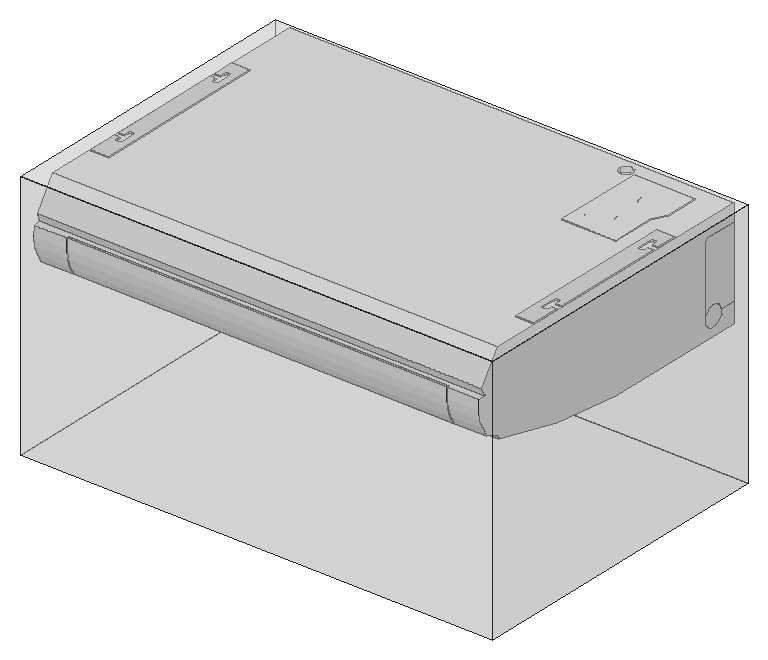
Revit family "outputfile", category 機械設備, Revit 2024
Family settings
  丸型コネクタ寸法 = 半径を使用
  パーツ タイプ = 標準
  OmniClass 番号 = 23.75.10.24.21.27.27
  OmniClass タイトル = Split System Air Conditioning Units
  作業面ベース = いいえ
  常に垂直 = はい
  ロード時にボイドで切り取り = いいえ
  注釈の向きを維持 = いいえ
  共有 = いいえ
  部屋計算ポイント = はい
Parameters (values of type "FHA50DVA")
  製造元 = "Daikin"
  書き出し IFC クラス(タイプ) = "IfcUnitaryEquipmentType"
  定義済み IFC タイプ(タイプ) = "AIRCONDITIONINGUNIT"
  モデル = "FHA50DVA"
  switch_frequency = yes
  r_Liquid Pipe Size = Liquid Pipe Size / 2  # 4.75 mm
  r_Gas Pipe Size = Gas Pipe Size / 2  # 7.95 mm
  r_Drain Pipe Size = Drain Pipe Size / 2  # 10.0 mm
  l_powersupply [instance] = if(Rear Right Connection_powersupply, 29.0 mm, 175.0 mm)  # 29.0 mm
  h_mountinghole = 2.0 mm
  connector_voltage = Voltage_50Hz  # 230 V
  connector_powerinput = [Power Input (Cooling)]  # 1.170 kW
  connector_phase = Phase_50Hz  # 1
  angle_vertical_powersupply [instance] = if(Rear Right Connection_powersupply, 90.00°, 180.00°)  # 90.00°
  angle_vertical_drainpipe [instance] = if(or(Left Connection_drainpipe, Right Connection_drainpipe), 90.00°, if(Top Connection_drainpipe, 180.00°, -90.00°))  # -90.00°
  angle_horizontal_powersupply [instance] = if(Rear Right Connection_powersupply, 180.00°, 0.00°)  # 180.00°
  angle_horizontal_drainpipe [instance] = if(Right Connection_drainpipe, 90.00°, if(Left Connection_drainpipe, -90.00°, 0.00°))  # 0.00°
  Voltage_comment_60Hz = "220-240"
  Voltage_comment_50Hz = "220-240"
  Voltage_60Hz = 230 V
  Voltage_50Hz = 230 V
  Top Connection_refrigerant [instance] = no
  Top Connection_powersupply [instance] = not(Rear Right Connection_powersupply)  # no
  Right Connection_refrigerant [instance] = no
  Rear Right Connection_refrigerant [instance] = yes
  Phase_60Hz = 1
  Phase_50Hz = 1
  Material_Casing = DAIKIN_White_Casing_indoorunit
  lw_powersupply [instance] = if(Rear Right Connection_powersupply, 220.0 mm, 210.0 mm)  # 220.0 mm
  lw_mountinghole_pitch = Width - 40.0 mm  # 920.0 mm
  lw_mountinghole = 20.0 mm
  lw_liquidpipe [instance] = if(Right Connection_refrigerant, 156.0 mm, if(Top Connection_refrigerant, 156.0 mm, 136.0 mm))  # 136.0 mm
  lw_gaspipe = 105.0 mm
  lw_drainpipe [instance] = if(Top Connection_drainpipe, 102.0 mm, if(Width = 960.0 mm, if(or(Left Connection_drainpipe, Rear Left Connection_drainpipe), 884.0 mm, 83.0 mm), if(Width = 1270.0 mm, if(or(Left Connection_drainpipe, Rear Left Connection_drainpipe), 1194.0 mm, 83.0 mm), if(Width = 1590.0 mm, if(or(Left Connection_drainpipe, Rear Left Connection_drainpipe), 1514.0 mm, 83.0 mm), 83.0 mm))))  # 83.0 mm
  lh_powersupply = 175.0 mm
  lh_liquidpipe [instance] = if(Rear Right Connection_refrigerant, 160.0 mm, 131.0 mm)  # 160.0 mm
  lh_gaspipe [instance] = if(Rear Right Connection_refrigerant, 150.0 mm, 91.0 mm)  # 150.0 mm
  lh_drainpipe = 197.0 mm
  l_antena = 1.0 mm
  ld_powersupply = 30.0 mm
  ld_mountinghole_pitch = 260.0 mm
  ld_mountinghole = 210.0 mm
  ld_liquidpipe [instance] = if(Right Connection_refrigerant, 57.0 mm, if(Top Connection_refrigerant, 189.0 mm, 221.0 mm))  # 221.0 mm
  ld_gaspipe [instance] = if(Right Connection_refrigerant, 57.0 mm, if(Top Connection_refrigerant, 163.0 mm, 214.0 mm))  # 214.0 mm
  ld_drainpipe [instance] = if(or(Left Connection_drainpipe, Right Connection_drainpipe), 57.0 mm, if(Top Connection_drainpipe, 87.0 mm, 268.0 mm))  # 268.0 mm
  l_liquidpipe_length [instance] = if(Right Connection_refrigerant, 156.0 mm, if(Top Connection_refrigerant, 131.0 mm, 220.0 mm))  # 220.0 mm
  l_gaspipe_length [instance] = if(Right Connection_refrigerant, 105.0 mm, if(Top Connection_refrigerant, 91.0 mm, 213.0 mm))  # 213.0 mm
  l_drainpipe_length [instance] = if(Right Connection_drainpipe, 83.0 mm, if(Top Connection_drainpipe, 197.0 mm, if(Left Connection_drainpipe, 76.0 mm, 267.0 mm)))  # 267.0 mm
  h*** = 0.0 mm
  angle_vertical [instance] = if(Right Connection_refrigerant, 90.00°, if(Top Connection_refrigerant, 180.00°, -90.00°))  # -90.00°
  angle_horizontal [instance] = if(Right Connection_refrigerant, 90.00°, 0.00°)  # 0.00°
  Width = 960.0 mm
  Version = "ver.1.0"
  Unit Type = "Ceiling"
  Unit Mass Weight = 25.00 kg
  Unit Designation [instance] = ""
  Uniclass2015Version = "Products v1.30"
  Uniclass2015Title = "Split coil room air conditioning units"
  Uniclass2015Code = "Pr_70_65_03_86"
  Total Cooling Capacity [instance] = 0.000 kW
  Top Connection_drainpipe [instance] = no
  Sound Pressure Level_M speed (dBA) = 35
  Sound Pressure Level_L speed (dBA) = 32
  Sound Pressure Level_H speed (dBA) = 37
  Series = "SkyAir_Fan Coil Unit"
  Sensible Cooling Capacity [instance] = 0.000 kW
  Rear Right Connection_drainpipe [instance] = yes
  Rear Right Connection_powersupply [instance] = yes
  Right Connection_drainpipe [instance] = no
  Refrigerant Type = "R32"
  Power Input (Cooling) = 1.170 kW
  Option Accessory 3 [instance] = ""
  Option Accessory 2 [instance] = ""
  Option Accessory 1 [instance] = ""
  Nominal Cooling Capacity = 5.000 kW
  Minimum Airflow = 600.00 m³/h
  Median Airflow = 720.00 m³/h
  Maximum Airflow = 900.00 m³/h
  Load Classification = HVAC
  Liquid Pipe Size = 9.5 mm
  Link_Nested Family [instance] = ""
  Rear Left Connection_drainpipe [instance] = no
  Left Connection_drainpipe [instance] = no
  IfcVersion = ""
  IfcExportType = "AIRCONDITIONINGUNIT"
  IfcExportAs = "IfcUnitaryEquipmentType"
  Height = 235.0 mm
  Heat Exchanger Type = "Cross Fin Coil"
  Gas Pipe Size = 15.9 mm
  Frequency_60Hz = 60 Hz
  Frequency_50Hz = 50 Hz
  Fan Type = "Cross Flow Fan"
  Fan Drive = "Direct Drive"
  FCU Tag No. [instance] = ""
  Drain Pipe Size = 20.0 mm
  Design Supply Airflow [instance] = 0.00 m³/h
  Design Outdoor Airflow [instance] = 0.00 m³/h
  Depth = 690.0 mm
  既定の高さ = 0.0 mm
  Cooling Entering Wet Bulb Temperature [instance] = 0.00 °C
  Cooling Entering Dry Bulb Temperature [instance] = 0.00 °C
  Cooling Ambient Wet Bulb Temperature [instance] = 0.00 °C
  Cooling Ambient Dry Bulb Temperature [instance] = 0.00 °C
  Clearance visibility [instance] = yes
  Clearance Top = 5.0 mm
  Clearance Right = 30.0 mm
  Clearance Rear = 0.0 mm
  Clearance Left = 30.0 mm
  Clearance Front = 0.0 mm
  Clearance Bottom = 300.0 mm
Reference planes
  plane 1 "Back": y = 0
  plane 2: z = 0
  plane 3 "Center (Left/Right)": x = 0
  plane 4 "Center (Front/Back)": y = -1
  plane 5 "Front": y = -690
  plane 6 "Left": x = -480
  plane 7 "Right": x = 480
  plane 8 "Top": z = 0
  plane 9 "Bottom": z = -235
  plane 10: y = -690
  plane 11: x = -510
  plane 12: x = 510
  plane 13: z = 5
  plane 14: z = -535
  plane 15: y = 0
  plane 16 "lw_mountinghole": x = -460
  plane 17 "lw_mountinghole2": x = 460
  plane 18 "ld_mountinghole": y = -210
  plane 19 "ld_mountinghole2": y = -470
  plane 20 "lw_gaspipe": x = 375
  plane 21 "ld_gaspipe": y = -214
  plane 22 "lh_gaspipe": z = -150
  plane 23 "lw_liquidpipe": x = 344
  plane 24 "ld_liquidpipe": y = -221
  plane 25 "lh_liquidpipe": z = -160
  plane 26 "ld_drainpipe": y = -268
  plane 27 "lw_drainpipe": x = 397
  plane 28 "lh_drainpipe": z = -197
  plane 29 "lw_powersupply": x = 260
  plane 30 "lh_powersupply": z = -175
  plane 31 "ld_powersupply": y = -30
  plane 32: x = -410.5
  plane 33: x = 410.5
  plane 34: x = -435
  plane 35: x = 435
  plane 36: x = -2
  plane 37: x = 2
Forms (mm)
  Extrusion 1, solid, material "DAIKIN_White_Casing_indoorunit" <- "Material_Casing"
    sketch origin (0, 0, 0) x (0, 1, 0) y (0, 0, 1)
      loop
        line (-639.277, 0) -> (-680.876, -61.699) -> (-675.026, -77.772)
        arc (-675.026, -77.772) -> (-681.815, -78.743) -> (-688.601, -79.732) r 2634.132
        arc (-688.601, -79.732) -> (-687.018, -121.096) -> (-669.159, -158.439) r 102.2
        line (-669.159, -158.439) -> (-639.858, -169.325) -> (-635.895, -178.261)
        arc (-635.895, -178.261) -> (-479.121, -215.759) -> (-319.077, -235) r 1400.997
        line (-319.077, -235) -> (-1, -235) -> (-1, 0) -> (-639.277, 0)
    from -480 to 480
  Extrusion 2, solid, material "DAIKIN_White_Casing_indoorunit" <- "Material_Casing"
    sketch origin (0, 0, 0) x (0, 1, 0) y (0, 0, 1)
      loop
        arc (-688.601, -79.732) -> (-687.018, -121.096) -> (-669.159, -158.439) r 102.2
        line (-669.159, -158.439) -> (-665.589, -154.869)
        arc (-665.589, -154.869) -> (-682.432, -118.783) -> (-683.39, -78.971) r 97.2
        arc (-683.39, -78.971) -> (-685.996, -79.351) -> (-688.601, -79.732) r 2634.132
    from -410.5 to 410.5
  Extrusion 3, void
    sketch origin (0, 0, 0) x (0, 1, 0) y (0, 0, 1)
      loop
        line (-301.098, -235) -> (-21.098, -235) -> (-21.098, -230) -> (-301.098, -230) -> (-301.098, -235)
    from -435 to 435
  Extrusion 4, solid, material "DAIKIN_White_Grille_indoorunit"
    sketch origin (0, 0, 0) x (0, 1, 0) y (0, 0, 1)
      loop
        line (-20.098, -230) -> (-301.098, -230) -> (-301.098, -235) -> (-20.098, -235) -> (-20.098, -230)
    from -435 to -2
  Extrusion 5, solid, material "DAIKIN_White_Casing_indoorunit" <- "Material_Casing"
    sketch origin (0, 0, 0) x (1, 0, 0) y (0, 0, 1)
      loop
        line (287, -63) -> (287, -178) -> (358, -220) -> (421, -220) -> (421, -63) -> (287, -63)
    from 0 to 1
  Extrusion 6, solid, material "DAIKIN_White_Casing_indoorunit" <- "Material_Casing"
    sketch origin (0, 0, 0) x (-1, 0, 0) y (0, -1, 0)
      loop
        line (-292, 35) -> (-292, 230) -> (-408, 230) -> (-408, 135) -> (-423, 105) -> (-423, 35) -> (-292, 35)
    from 0 to 1.9
  Extrusion 7, void
    sketch origin (480, 0, 0) x (0, 1, 0) y (0, 0, 1)
      loop
        arc (-79.5, -195) -> (-55.446, -217.446) -> (-34.715, -191.9) r 22.5
        line (-34.715, -191.9) -> (-1, -191.9) -> (-1, -190.1) -> (-35.04, -190.1)
        arc (-35.04, -190.1) -> (-54.942, -172.594) -> (-77.7, -186.182) r 22.5
        line (-77.7, -186.182) -> (-77.7, -43)
        arc (-77.7, -43) -> (-76.528, -40.172) -> (-73.7, -39) r 4
        line (-73.7, -39) -> (-1, -39) -> (-1, -37.2) -> (-73.7, -37.2)
        arc (-73.7, -37.2) -> (-77.801, -38.899) -> (-79.5, -43) r 5.8
        line (-79.5, -43) -> (-79.5, -195)
      loop
        circle (-57, -195) r 20.7
    from 0 to -10
  Extrusion 8, void
    sketch origin (-1444.026, -1, 1200) x (1, 0, 0) y (0, 0, 1)
      loop
        arc (1030.026, -1375) -> (1019.42, -1379.393) -> (1015.026, -1390) r 15
        line (1015.026, -1390) -> (1015.026, -1400)
        arc (1015.026, -1400) -> (1019.42, -1410.607) -> (1030.026, -1415) r 15
        line (1030.026, -1415) -> (1060.026, -1415)
        arc (1060.026, -1415) -> (1070.633, -1410.607) -> (1075.026, -1400) r 15
        line (1075.026, -1400) -> (1075.026, -1390)
        arc (1075.026, -1390) -> (1070.633, -1379.393) -> (1060.026, -1375) r 15
        line (1060.026, -1375) -> (1030.026, -1375)
    from 0 to 10
  Extrusion 9, void
    sketch origin (-480, 0, 0) x (0, 1, 0) y (0, 0, 1)
      loop
        circle (-57, -197) r 22.5
    from 0 to 10
  Extrusion 10, void
    sketch origin (-1444.026, -1, 1200) x (1, 0, 0) y (0, 0, 1)
      loop
        circle (1821.026, -1375) r 44
    from 0 to 10
  Extrusion 11, void
    sketch origin (0, 0, 0) x (-1, 0, 0) y (0, -1, 0)
      loop
        circle (-378, 87) r 30
    from 0 to -10
  Extrusion 12, void
    sketch origin (0, 0, 0) x (-1, 0, 0) y (0, -1, 0)
      loop
        circle (-375, 163) r 18
    from 0 to -10
  Extrusion 13, void
    sketch origin (0, 0, 0) x (-1, 0, 0) y (0, -1, 0)
      loop
        circle (-324, 189) r 13
    from 0 to -10
  Extrusion 14, void
    sketch origin (-1444.026, -1, 1200) x (1, 0, 0) y (0, 0, 1)
      loop
        circle (1704.026, -1375) r 14.5
    from 0 to 10
  Extrusion 15, void
    sketch origin (0, 0, 0) x (-1, 0, 0) y (0, -1, 0)
      loop
        circle (-270, 30) r 14.5
    from 0 to -10
  Extrusion 16, void
    sketch origin (480, 0, 0) x (0, 1, 0) y (0, 0, 1)
      loop
        arc (-665.589, -154.869) -> (-682.432, -118.783) -> (-683.39, -78.971) r 97.2
        arc (-683.39, -78.971) -> (-685.996, -79.351) -> (-688.601, -79.732) r 2634.132
        arc (-688.601, -79.732) -> (-687.018, -121.096) -> (-669.159, -158.439) r 102.2
        line (-669.159, -158.439) -> (-665.589, -154.869)
    from -69.5 to -890.5
  Extrusion 17, solid, material "DAIKIN_White_Casing_indoorunit" <- "Material_Casing"
    sketch origin (-480, 0, 0) x (0, 1, 0) y (0, 0, 1)
      loop
        circle (-57, -197) r 22.5
    from 0 to 10
  Extrusion 18, solid, material "DAIKIN_White_Grille_indoorunit"
    sketch origin (780, 0, 0) x (0, 1, 0) y (0, 0, 1)
      loop
        line (-20.098, -230) -> (-301.098, -230) -> (-301.098, -235) -> (-20.098, -235) -> (-20.098, -230)
    from -782 to -778
  Extrusion 19, solid, material "DAIKIN_White_Grille_indoorunit"
    sketch origin (0, 0, 0) x (0, 1, 0) y (0, 0, -1)
      loop
        line (-20.098, 230) -> (-20.098, 235) -> (-301.098, 235) -> (-301.098, 230) -> (-20.098, 230)
    from -435 to -2
Cuts and joins
  Extrusion 3, Extrusion 7, Extrusion 8, Extrusion 9, Extrusion 10, Extrusion 11, Extrusion 12, Extrusion 13, Extrusion 14, Extrusion 15, Extrusion 16 cuts Extrusion 1
Lines and regions (mm)
  reference lines
    curve 1: line (480, -580.282, -192.75) -> (480, -551.225, -200.21)
Dimensions and locks
  equal spacing: plane 6 "Left", plane 3 "Center (Left/Right)", plane 7 "Right"
  "Width": plane 6 "Left" to plane 7 "Right"
  "Depth": plane 5 "Front" to plane 1 "Back"
  "Height": plane 8 "Top" to plane 9 "Bottom"
  "Clearance Front": plane 10 to plane 5 "Front"
  "Clearance Left": plane 11 to plane 6 "Left"
  "Clearance Right": plane 7 "Right" to plane 12
  "Clearance Top": plane 13 to plane 8 "Top"
  "Clearance Bottom": plane 9 "Bottom" to plane 14
  "Clearance Rear": plane 1 "Back" to plane 15
  locked: plane 4 "Center (Front/Back)" to plane 1 "Back" at 1
  locked: Extrusion 1 sketch curve to Extrusion 1 sketch curve at 235
  locked: Extrusion 1 sketch curve to Extrusion 1 sketch curve at 318.077
  locked: Extrusion 1 sketch curve to Extrusion 1 sketch curve at 1163.297
  locked: Extrusion 1 sketch curve to Extrusion 1 sketch curve at 231.144
  Extrusion 3 sketch curve to Extrusion 3 sketch curve to plane 1 "Back" = 280.0 mm locked, 21.098 mm locked
  "ld_mountinghole": plane 18 "ld_mountinghole" to plane 1 "Back"
  "ld_mountinghole_pitch": plane 18 "ld_mountinghole" to plane 19 "ld_mountinghole2"
  "lw_mountinghole_pitch": plane 16 "lw_mountinghole" to plane 17 "lw_mountinghole2"
  "lw_mountinghole": plane 6 "Left" to plane 16 "lw_mountinghole"
  "lw_gaspipe": plane 20 "lw_gaspipe" to plane 7 "Right"
  "ld_gaspipe": plane 1 "Back" to plane 21 "ld_gaspipe"
  "lw_liquidpipe": plane 23 "lw_liquidpipe" to plane 7 "Right"
  "ld_liquidpipe": plane 1 "Back" to plane 24 "ld_liquidpipe"
  "lw_drainpipe": plane 27 "lw_drainpipe" to plane 7 "Right"
  "ld_drainpipe": plane 26 "ld_drainpipe" to plane 1 "Back"
  plane 8 "Top" to Extrusion 5 sketch curve to Extrusion 5 sketch curve = 63.0 mm locked, 157.0 mm locked
  plane 7 "Right" to Extrusion 5 sketch curve to Extrusion 5 sketch curve = 59.0 mm locked, 134.0 mm locked
  locked: Extrusion 5 sketch curve to Extrusion 5 sketch curve at 115
  locked: Extrusion 5 sketch curve to Extrusion 5 sketch curve at 63
  locked: Extrusion 6 sketch curve to Extrusion 6 sketch curve at 195
  locked: Extrusion 6 sketch curve to Extrusion 6 sketch curve at 116
  locked: Extrusion 6 sketch curve to Extrusion 6 sketch curve at 131
  locked: Extrusion 6 sketch curve to Extrusion 6 sketch curve at 100
  locked: Extrusion 6 sketch curve to plane 1 "Back" at 35
  locked: Extrusion 6 sketch curve to plane 7 "Right" at 57
  locked: Extrusion 8 sketch curve to Extrusion 8 sketch curve at 40
  locked: Extrusion 8 sketch curve to Extrusion 8 sketch curve at 60
  locked: plane 8 "Top" to Extrusion 8 sketch curve at 175
  locked: Extrusion 8 sketch curve to plane 6 "Left" at 51
  locked: plane 7 "Right" to Extrusion 10 sketch curve at 103
  locked: plane 8 "Top" to Extrusion 10 sketch curve at 175
  locked: Extrusion 11 sketch curve to plane 1 "Back" at 87
  locked: Extrusion 11 sketch curve to plane 7 "Right" at 102
  locked: Extrusion 12 sketch curve to plane 1 "Back" at 163
  locked: Extrusion 12 sketch curve to plane 7 "Right" at 105
  locked: Extrusion 13 sketch curve to plane 1 "Back" at 189
  locked: Extrusion 13 sketch curve to plane 7 "Right" at 156
  "lw_powersupply": plane 29 "lw_powersupply" to plane 7 "Right"
  "lh_gaspipe": plane 8 "Top" to plane 22 "lh_gaspipe"
  "lh_liquidpipe": plane 8 "Top" to plane 25 "lh_liquidpipe"
  "lh_powersupply": plane 8 "Top" to plane 30 "lh_powersupply"
  "lh_drainpipe": plane 8 "Top" to plane 28 "lh_drainpipe"
  "ld_powersupply": plane 1 "Back" to plane 31 "ld_powersupply"
  locked: plane 8 "Top" to Extrusion 7 sketch curve at 195
  locked: Extrusion 7 sketch curve to plane 1 "Back" at 57
  locked: plane 9 "Bottom" to Extrusion 7 sketch curve at 43.1
  locked: Extrusion 7 sketch curve to plane 8 "Top" at 39
  locked: Extrusion 7 sketch curve to plane 1 "Back" at 79.5
  locked: Extrusion 9 sketch curve to plane 1 "Back" at 57
  locked: plane 8 "Top" to Extrusion 9 sketch curve at 197
  locked: Extrusion 17 sketch curve to plane 1 "Back" at 57
  locked: plane 8 "Top" to Extrusion 17 sketch curve at 197
  locked: plane 7 "Right" to Extrusion 14 sketch curve at 220
  locked: plane 8 "Top" to Extrusion 14 sketch curve at 175
  locked: Extrusion 15 sketch curve to plane 7 "Right" at 210
  locked: Extrusion 15 sketch curve to plane 1 "Back" at 30
  locked: curve 1 to plane 9 "Bottom" at 34.79
  locked: curve 1 to plane 9 "Bottom" at 42.25
  locked: plane 6 "Left" to plane 32 at 69.5
  locked: plane 33 to plane 7 "Right" at 69.5
  locked: plane 35 to plane 7 "Right" at 45
  locked: plane 6 "Left" to plane 34 at 45
  plane 36 to plane 3 "Center (Left/Right)" to plane 37 = 2.0 mm locked, 2.0 mm locked
  locked: curve 1 to plane 9 "Bottom" (angle 14.40°)
  aligned and locked: level to plane 2
  aligned and locked: nested 1 to plane 11
  aligned and locked: nested 1 to plane 12
  aligned and locked: nested 1 to plane 10
  aligned and locked: plane 13 to nested 1
  aligned and locked: plane 14 to nested 1
  aligned and locked: plane 15 to nested 1
  aligned and locked: Extrusion 1 sketch curve to plane 8 "Top"
  aligned and locked: Extrusion 2 sketch curve to Extrusion 1  (x2)
  aligned and locked: plane 7 "Right" to Extrusion 1
  aligned and locked: Extrusion 1 to plane 6 "Left"
  aligned and locked: cut or joined group 1 (Extrusion 1, Extrusion 3, Extrusion 7, Extrusion 8, Extrusion 9, Extrusion 10, Extrusion 11, Extrusion 12, Extrusion 13, Extrusion 14, Extrusion 15, Extrusion 16) to Extrusion 3 sketch curve
  aligned and locked: cut or joined group 1 to Extrusion 4 sketch curve
  aligned and locked: Extrusion 5 to plane 4 "Center (Front/Back)"
  aligned and locked: Extrusion 7 sketch curve to plane 4 "Center (Front/Back)"
  aligned and locked: Extrusion 16 sketch curve to Extrusion 2  (x4)
  aligned and locked: Extrusion 16 to Extrusion 2  (x2)
  aligned and locked: nested 2 to plane 26 "ld_drainpipe"
  aligned and locked: plane 27 "lw_drainpipe" to nested 2
  aligned and locked: plane 20 "lw_gaspipe" to nested 3
  aligned and locked: nested 3 to plane 21 "ld_gaspipe"
  aligned and locked: plane 23 "lw_liquidpipe" to nested 4
  aligned and locked: nested 4 to plane 24 "ld_liquidpipe"
  aligned and locked: plane 25 "lh_liquidpipe" to nested 4
  aligned and locked: nested 5 to plane 31 "ld_powersupply"
  aligned and locked: plane 29 "lw_powersupply" to nested 5
  aligned and locked: nested 7 to plane 18 "ld_mountinghole"
  aligned and locked: plane 16 "lw_mountinghole" to nested 7
  aligned and locked: nested 6 to plane 19 "ld_mountinghole2"
  aligned and locked: plane 16 "lw_mountinghole" to nested 6
  aligned and locked: nested 9 to plane 18 "ld_mountinghole"
  aligned and locked: plane 17 "lw_mountinghole2" to nested 9
  aligned and locked: plane 17 "lw_mountinghole2" to nested 8
  aligned and locked: nested 8 to plane 19 "ld_mountinghole2"
  aligned and locked: nested 10 to curve 1
  aligned and locked: level to plane 8 "Top"
  aligned and locked: cut or joined group 1 to plane 32
  aligned and locked: plane 33 to cut or joined group 1
  aligned and locked: Extrusion 16 to plane 32
  aligned and locked: plane 33 to Extrusion 16
  aligned and locked: Extrusion 4 to plane 34
  aligned and locked: cut or joined group 1 to plane 34
  aligned and locked: plane 34 to Extrusion 4  (x3)
  aligned and locked: plane 16 "lw_mountinghole" to nested 11
  aligned and locked: plane 17 "lw_mountinghole2" to nested 12
  aligned and locked: plane 36 to Extrusion 4
  aligned and locked: Extrusion 18 to plane 36
  aligned and locked: plane 37 to Extrusion 18
  aligned and locked: Extrusion 19 to plane 37
  aligned and locked: plane 37 to Extrusion 19
  aligned and locked: plane 35 to Extrusion 19
  aligned and locked: plane 35 to Extrusion 3
  aligned and locked: Extrusion 4 to cut or joined group 1
  aligned and locked: cut or joined group 1 to Extrusion 18
  aligned and locked: cut or joined group 1 to Extrusion 19
Automatic sketch dimensions
  Extrusion 1 sketch curve to plane 4 "Center (Front/Back)" = 0.0 mm
  Extrusion 1 sketch curve to plane 5 "Front" = 102.2 mm
  Extrusion 1 sketch curve to plane 30 "lh_powersupply" = 3.261 mm
  Extrusion 1 sketch curve to plane 5 "Front" = 50.723 mm
  plane 30 "lh_powersupply" to Extrusion 1 sketch curve = 5.675 mm
  Extrusion 1 sketch curve to Extrusion 1 sketch curve = 3.963 mm
  plane 25 "lh_liquidpipe" to Extrusion 1 sketch curve = 1.561 mm
  Extrusion 1 sketch curve to plane 5 "Front" = 20.841 mm
  Extrusion 1 sketch curve to plane 5 "Front" = 14.974 mm
  Extrusion 1 sketch curve to plane 5 "Front" = 9.124 mm
  Extrusion 1 sketch curve to plane 26 "ld_drainpipe" = 37.278 mm
  Extrusion 1 sketch curve to plane 14 = 2150.825 mm
  plane 22 "lh_gaspipe" to Extrusion 1 sketch curve = 53.413 mm
  Extrusion 1 sketch curve to level = 77.772 mm
  Extrusion 1 sketch curve to Extrusion 1 sketch curve = 16.072 mm
  Extrusion 2 sketch curve to Extrusion 2 sketch curve = 0.0 mm  (x2)
  plane 25 "lh_liquidpipe" to Extrusion 2 sketch curve = 1.561 mm
  Extrusion 2 sketch curve to plane 22 "lh_gaspipe" = 4.869 mm
  Extrusion 2 sketch curve to Extrusion 2 sketch curve = 3.57 mm
  Extrusion 3 sketch curve to Extrusion 3 sketch curve = 5.0 mm
  plane 31 "ld_powersupply" to Extrusion 4 sketch curve = 9.902 mm
  Extrusion 4 sketch curve to Extrusion 4 sketch curve = 5.0 mm
  Extrusion 6 sketch curve to Extrusion 6 sketch curve = 30.0 mm
  Extrusion 7 sketch curve to Extrusion 7 sketch curve = 0.0 mm  (x6)
  Extrusion 7 sketch curve to plane 4 "Center (Front/Back)" = 0.0 mm  (x2)
  Extrusion 7 sketch curve to Extrusion 7 sketch curve = 1.8 mm  (x2)
  Extrusion 7 sketch curve to Extrusion 7 sketch curve = 4.0 mm
  Extrusion 7 sketch curve to Extrusion 7 sketch curve = 0.325 mm
  Extrusion 8 sketch curve to plane 32 = 3.5 mm  (x2)
  Extrusion 8 sketch curve to plane 28 "lh_drainpipe" = 3.0 mm
  Extrusion 8 sketch curve to Extrusion 8 sketch curve = 15.0 mm
  curve 1 to plane 5 "Front" = 109.718 mm
  Extrusion 18 sketch curve to plane 9 "Bottom" = 0.0 mm
  plane 9 "Bottom" to Extrusion 18 sketch curve = 5.0 mm
  Extrusion 18 sketch curve to plane 26 "ld_drainpipe" = 33.098 mm
  plane 31 "ld_powersupply" to Extrusion 18 sketch curve = 9.902 mm
  Extrusion 19 sketch curve to plane 9 "Bottom" = 0.0 mm
  plane 9 "Bottom" to Extrusion 19 sketch curve = 5.0 mm
  Extrusion 19 sketch curve to plane 26 "ld_drainpipe" = 33.098 mm
  plane 31 "ld_powersupply" to Extrusion 19 sketch curve = 9.902 mm
  Extrusion 4 sketch curve to plane 26 "ld_drainpipe" = 33.098 mm
  radius of Extrusion 7 sketch curve = 20.7 mm
  radius of Extrusion 9 sketch curve = 22.5 mm
  radius of Extrusion 10 sketch curve = 44.0 mm
  radius of Extrusion 11 sketch curve = 30.0 mm
  radius of Extrusion 12 sketch curve = 18.0 mm
  radius of Extrusion 13 sketch curve = 13.0 mm
  radius of Extrusion 14 sketch curve = 14.5 mm
  radius of Extrusion 15 sketch curve = 14.5 mm
  radius of Extrusion 17 sketch curve = 22.5 mm
Nested families
  nested 1: "daikin_clearancespace" at (0, -345, -264.881), visible <- "Clearance visibility", show <- "Clearance visibility", Link_Nested Family <- "Link_Nested Family", type "daikin_clearancespace"
    with width 1020.0 mm, show yes, height 540.0 mm, depth 690.0 mm, Link_Nested Family ""
  nested 2: "daikin_connector_rotate3" at (397, -268, -197), radius <- "r_Drain Pipe Size", angle_vertical <- "angle_vertical_drainpipe", angle_horizontal <- "angle_horizontal_drainpipe", length <- "l_drainpipe_length", type "daikin_connector_rotate3"
    with show no, radius 10.0 mm, length 267.0 mm, angle_vertical -90.00°, angle_horizontal 0.00°
  nested 3: "daikin_connector_rotate3" at (375, -214, -150), radius <- "r_Gas Pipe Size", angle_vertical <- "angle_vertical", angle_horizontal <- "angle_horizontal", length <- "l_gaspipe_length", type "daikin_connector_rotate3"
    with show no, radius 7.95 mm, length 213.0 mm, angle_vertical -90.00°, angle_horizontal 0.00°
  nested 4: "daikin_connector_rotate3" at (344, -221, -160), radius <- "r_Liquid Pipe Size", angle_vertical <- "angle_vertical", angle_horizontal <- "angle_horizontal", length <- "l_liquidpipe_length", type "daikin_connector_rotate3"
    with show no, radius 4.75 mm, length 220.0 mm, angle_vertical -90.00°, angle_horizontal 0.00°
  nested 5: "daikin_connector_rotate3" at (260, -30, -175), length <- "l_powersupply", angle_vertical <- "angle_vertical_powersupply", angle_horizontal <- "angle_horizontal_powersupply", type "daikin_connector_rotate3"
    with show no, radius 10.0 mm, length 29.0 mm, angle_vertical 90.00°, angle_horizontal 180.00°
  nested 6: "daikin_mountinghole" at (-460, -470, 0), l_antenna <- "l_antena", Link_Nested Family <- "Link_Nested Family", h_mountinghole <- "h_mountinghole", type "daikin_mountinghole"
    with show yes, l_antenna 1.0 mm, h_mountinghole 2.0 mm, Link_Nested Family ""
  nested 7: "daikin_mountinghole" at (-460, -210, 0), l_antenna <- "l_antena", Link_Nested Family <- "Link_Nested Family", h_mountinghole <- "h_mountinghole", type "daikin_mountinghole"
    with show yes, l_antenna 1.0 mm, h_mountinghole 2.0 mm, Link_Nested Family ""
  nested 8: "daikin_mountinghole" at (460, -470, 0), l_antenna <- "l_antena", Link_Nested Family <- "Link_Nested Family", h_mountinghole <- "h_mountinghole", type "daikin_mountinghole"
    with show yes, l_antenna 1.0 mm, h_mountinghole 2.0 mm, Link_Nested Family ""
  nested 9: "daikin_mountinghole" at (460, -210, 0), Link_Nested Family <- "Link_Nested Family", l_antenna <- "l_antena", h_mountinghole <- "h_mountinghole", type "daikin_mountinghole"
    with show yes, l_antenna 1.0 mm, h_mountinghole 2.0 mm, Link_Nested Family ""
  nested 10: "daikin_logo_plane_w40" at (332.963, -559.801, -198.008) x (1, 0, 0) z (0, -0.2487, -0.9686), type "daikin_logo_plane_w40"
    with show_logo yes
  nested 11: "daikin_hangerfixture_FHA-DVA" at (-460, 0, 0), type "daikin_hangerfixture_FHA-DVA"
    with width 38.0 mm, height 2.0 mm, depth 380.0 mm
  nested 12: "daikin_hangerfixture_FHA-DVA" at (460, 0, 0) x (-1, 0, 0) z (0, 0, 1), type "daikin_hangerfixture_FHA-DVA"
    with width 38.0 mm, height 2.0 mm, depth 380.0 mm
Connectors
  piping at (397, -1, -197), diameter 20, driven by "r_Drain Pipe Size"
    settings: on nested 2, index 1, connector inside diameter 609.6 mm, connector length 0.0 mm, flow factor 0, pipe flow 0.00 m³/h, pressure drop 0.0 Pa, fitting loss kfactor 0, connector angle 0.00°, fixture units 0, engagement length 0.0 mm, angle of deflection 0.00°, flow configuration 1, flow direction 2, fitting loss method 4, system type 16, joint type 0, gender type 0, connector reference index -1, connector utility 0, adjustable connector no, is connector primary yes, connector description "Condensate Drain Piping"
  piping at (375, -1, -150), diameter 15.9, driven by "r_Gas Pipe Size"
    settings: on nested 3, index 3, connector inside diameter 609.6 mm, connector length 0.0 mm, flow factor 0, pipe flow 0.00 m³/h, pressure drop 0.0 Pa, fitting loss kfactor 0, connector angle 0.00°, fixture units 0, engagement length 0.0 mm, angle of deflection 0.00°, flow configuration 1, flow direction 2, fitting loss method 0, system type 29, joint type 0, gender type 0, connector reference index -1, connector utility 0, adjustable connector no, is connector primary no, connector description "Refrigerant Gas Piping"
  piping at (344, -1, -160), diameter 9.5, driven by "r_Liquid Pipe Size"
    settings: on nested 4, index 4, connector inside diameter 609.6 mm, connector length 0.0 mm, flow factor 0, pipe flow 0.00 m³/h, pressure drop 0.0 Pa, fitting loss kfactor 0, connector angle 0.00°, fixture units 0, engagement length 0.0 mm, angle of deflection 0.00°, flow configuration 1, flow direction 1, fitting loss method 0, system type 29, joint type 0, gender type 0, connector reference index -1, connector utility 0, adjustable connector no, is connector primary no, connector description "Refrigerant Liquid Piping"
  electrical at (260, -1, -175), driven by "Load Classification", driven by "connector_powerinput", driven by "connector_phase", driven by "connector_voltage"
    settings: on nested 5, index 6, voltage 230 V, apparent load 1170 VA, apparent load phase1 0 VA, apparent load phase2 0 VA, apparent load phase3 0 VA, power factor 1, load classification "HVAC", number of poles 1, system type 30, power factor state 1, is connector primary yes, connector utility no, sub classification motor no, connector description "Power Supply"
Definition of nested family "daikin_clearancespace"
  Parameters (values of type "daikin_clearancespace")
    Description = "daikin_clearancespace"
    width [instance] = 1823.963 mm
    show [instance] = yes
    material = none
    height [instance] = 1359.762 mm
    depth [instance] = 880.0 mm
    Default Elevation = 0.0 mm
    Link_Nested Family [instance] = ""
  Reference planes
    plane 1 "Center (Front/Back)": y = 0
    plane 2 "Center (Elevation)": z = -0.119
    plane 3 "Center (Left/Right)": x = 0
    plane 4: y = 440
    plane 5: y = -440
    plane 6 "Right": x = 911.982
    plane 7 "Left": x = -911.982
    plane 8 "Top": z = 679.762
    plane 9 "Bottom": z = -680
  Forms (mm)
    Extrusion 1, solid, material <- "material", visible <- "show"
      sketch origin (0, 0, 0) x (1, 0, 0) y (0, 1, 0)
        loop
          line (-911.982, 440) -> (-911.982, -440) -> (911.982, -440) -> (911.982, 440) -> (-911.982, 440)
      from -680 to 679.762
  Lines and regions (mm)
    symbolic lines, visible <- "show"
      curve 1: line (911.982, 440, 0) -> (-911.982, 440, 0)
      curve 2: line (-911.982, 440, 0) -> (-911.982, -440, 0)
      curve 3: line (-911.982, -440, 0) -> (911.982, -440, 0)
      curve 4: line (911.982, -440, 0) -> (911.982, 440, 0)
      curve 5: line (911.982, 0, 679.762) -> (-911.982, 0, 679.762)
      curve 6: line (911.982, 0, -680) -> (911.982, 0, 679.762)
      curve 7: line (-911.982, 0, -680) -> (911.982, 0, -680)
      curve 8: line (-911.982, 0, 679.762) -> (-911.982, 0, -680)
      curve 9: line (0, 440, 679.762) -> (0, -440, 679.762)
      curve 10: line (0, -440, 679.762) -> (0, -440, -680)
      curve 11: line (0, 440, -680) -> (0, 440, 679.762)
      curve 12: line (0, -440, -680) -> (0, 440, -680)
  Dimensions and locks
    "width": plane 7 "Left" to plane 6 "Right"
    "depth": plane 4 to plane 5
    "height": plane 8 "Top" to plane 9 "Bottom"
    equal spacing: plane 7 "Left", plane 3 "Center (Left/Right)", plane 6 "Right"
    equal spacing: plane 4, plane 1 "Center (Front/Back)", plane 5
    equal spacing: plane 8 "Top", plane 2 "Center (Elevation)", plane 9 "Bottom"
    aligned and locked: level to plane 2 "Center (Elevation)"
    aligned and locked: Extrusion 1 sketch curve to plane 4
    aligned and locked: plane 7 "Left" to Extrusion 1 sketch curve
    aligned and locked: Extrusion 1 sketch curve to plane 5
    aligned and locked: Extrusion 1 sketch curve to plane 6 "Right"
    aligned and locked: plane 8 "Top" to Extrusion 1
    aligned and locked: curve 1 to Extrusion 1
    aligned and locked: curve 2 to Extrusion 1
    aligned and locked: curve 3 to Extrusion 1
    aligned and locked: curve 4 to Extrusion 1
    aligned and locked: curve 5 to Extrusion 1
    aligned and locked: curve 6 to Extrusion 1
    aligned and locked: curve 7 to Extrusion 1
    aligned and locked: curve 8 to Extrusion 1
    aligned and locked: curve 9 to Extrusion 1
    aligned and locked: curve 10 to Extrusion 1
    aligned and locked: curve 11 to Extrusion 1
    aligned and locked: curve 12 to Extrusion 1
    aligned and locked: Extrusion 1 to plane 9 "Bottom"
Definition of nested family "daikin_logo_plane_w40"
  Parameters (values of type "daikin_logo_plane_w40")
    width = 40.0 mm
    show_logo [instance] = yes
    material = none
    height = 0.0 mm
    depth = 0.0 mm
    Default Elevation = 1219.2 mm
  Reference planes
    plane 1 "Center (Front/Back)": y = 0
    plane 2: z = 0
    plane 3 "Center (Left/Right)": x = 0
    plane 4: z = 2
    plane 5 "left": x = -19
    plane 6: x = 19
  Forms (mm)
    Extrusion 1, solid, visible <- "show_logo"
      sketch origin (-19, 0, 0) x (1, 0, 0) y (0, 1, 0)
        loop
          line (8.902, -1.878) -> (7.789, -6.332) -> (11.13, -6.332)
          arc (11.13, -6.332) -> (12.454, -6.064) -> (13.472, -5.176) r 2.642
          arc (13.472, -5.176) -> (13.92, -4.02) -> (13.767, -2.79) r 2.537
          arc (13.767, -2.79) -> (13.452, -2.342) -> (12.982, -2.06) r 1.321
          arc (12.982, -2.06) -> (12.063, -1.902) -> (11.13, -1.878) r 6.479
          line (11.13, -1.878) -> (8.902, -1.878)
        loop
          line (10.016, -5.441) -> (10.907, -5.441)
          arc (10.907, -5.441) -> (11.591, -4.983) -> (11.988, -4.261) r 1.742
          spline (11.988, -4.261) -> (12.01, -4.155) -> (12.027, -4.03) -> (12.037, -3.893) -> (12.037, -3.747) -> (12.026, -3.598) -> (12.002, -3.451) -> (11.962, -3.31) -> (11.905, -3.181) -> (11.829, -3.069) -> (11.731, -2.978) -> (11.61, -2.913) -> (11.464, -2.88)
          line (11.464, -2.88) -> (10.573, -2.88) -> (10.016, -5.441)
        loop
          line (13.58, -6.332) -> (14.805, -6.332) -> (15.223, -5.553) -> (16.977, -5.553) -> (17.144, -6.332) -> (19.149, -6.332) -> (18.258, -1.878) -> (16.03, -1.878) -> (13.58, -6.332)
        loop
          line (16.476, -3.214) -> (15.76, -4.551) -> (16.762, -4.551) -> (16.476, -3.214)
        loop
          line (19.705, -6.332) -> (21.599, -6.332) -> (22.712, -1.878) -> (20.819, -1.878) -> (19.705, -6.332)
        loop
          line (22.712, -6.332) -> (24.606, -6.332) -> (24.908, -5.122) -> (25.831, -6.332) -> (28.17, -6.332) -> (26.388, -3.994) -> (28.949, -1.878) -> (26.945, -1.878) -> (25.401, -3.153) -> (25.719, -1.878) -> (23.826, -1.878) -> (22.712, -6.332)
        loop
          line (29.84, -1.878) -> (28.615, -6.332) -> (30.62, -6.332) -> (31.734, -1.878) -> (29.84, -1.878)
        loop
          line (31.734, -6.332) -> (33.07, -6.332) -> (33.7, -3.814) -> (34.518, -6.332) -> (36.745, -6.332) -> (37.859, -1.878) -> (36.523, -1.878) -> (35.845, -4.589) -> (34.963, -1.878) -> (32.847, -1.878) -> (31.734, -6.332)
      from 0 to 2
    Extrusion 2, solid, visible <- "show_logo"
      sketch origin (-19, 0, 0) x (1, 0, 0) y (0, 1, 0)
        loop
          line (8.7, 0) -> (4.235, 0) -> (0, -3.879) -> (0, -8) -> (8.7, 0)
      from 0 to 2
    Extrusion 3, solid, visible <- "show_logo"
      sketch origin (-19, 0, 0) x (1, 0, 0) y (0, 1, 0)
        loop
          line (0, 0) -> (0, -3.879) -> (4.235, 0) -> (0, 0)
      from 0 to 2
  Dimensions and locks
    plane 4 to plane 2 = 2.0 mm
    equal spacing: plane 5 "left", plane 3 "Center (Left/Right)", plane 6
    locked: plane 5 "left" to plane 6 at 38
    aligned and locked: level to plane 2
    aligned and locked: Extrusion 3 to plane 1 "Center (Front/Back)"  (x2)
    aligned and locked: Extrusion 2 to plane 1 "Center (Front/Back)"  (x2)
    aligned and locked: plane 4 to Extrusion 1
    aligned and locked: plane 4 to Extrusion 3
    aligned and locked: plane 4 to Extrusion 2
    aligned and locked: Extrusion 3 to plane 5 "left"
    aligned and locked: Extrusion 2 to plane 5 "left"
  Automatic sketch dimensions
    Extrusion 1 sketch curve to Extrusion 1 sketch curve = 0.901 mm
    Extrusion 1 sketch curve to Extrusion 1 sketch curve = 1.559 mm
    Extrusion 1 sketch curve to Extrusion 1 sketch curve = 1.327 mm
    Extrusion 1 sketch curve to Extrusion 1 sketch curve = 2.145 mm
    Extrusion 1 sketch curve to Extrusion 1 sketch curve = 1.448 mm
    Extrusion 1 sketch curve to Extrusion 1 sketch curve = 2.116 mm
    Extrusion 1 sketch curve to Extrusion 1 sketch curve = 1.114 mm  (x4)
    Extrusion 1 sketch curve to Extrusion 1 sketch curve = 1.336 mm  (x2)
    plane 1 "Center (Front/Back)" to Extrusion 1 sketch curve = 1.878 mm  (x5)
    Extrusion 1 sketch curve to Extrusion 1 sketch curve = 1.893 mm  (x5)
    Extrusion 1 sketch curve to Extrusion 1 sketch curve = 0.891 mm  (x4)
    Extrusion 1 sketch curve to Extrusion 1 sketch curve = 2.005 mm  (x3)
    Extrusion 1 sketch curve to Extrusion 1 sketch curve = 0.445 mm  (x2)
    plane 1 "Center (Front/Back)" to Extrusion 1 sketch curve = 3.994 mm
    Extrusion 1 sketch curve to Extrusion 1 sketch curve = 0.557 mm  (x2)
    Extrusion 1 sketch curve to Extrusion 1 sketch curve = 2.339 mm  (x2)
    Extrusion 1 sketch curve to Extrusion 1 sketch curve = 1.225 mm  (x3)
    plane 1 "Center (Front/Back)" to Extrusion 1 sketch curve = 3.153 mm
    Extrusion 1 sketch curve to Extrusion 1 sketch curve = 0.987 mm
    plane 1 "Center (Front/Back)" to Extrusion 1 sketch curve = 5.122 mm
    Extrusion 1 sketch curve to Extrusion 1 sketch curve = 0.922 mm
    plane 1 "Center (Front/Back)" to Extrusion 1 sketch curve = 6.332 mm
    Extrusion 1 sketch curve to Extrusion 1 sketch curve = 2.562 mm
    plane 1 "Center (Front/Back)" to Extrusion 1 sketch curve = 5.553 mm
    Extrusion 1 sketch curve to Extrusion 1 sketch curve = 0.167 mm
    Extrusion 1 sketch curve to Extrusion 1 sketch curve = 0.215 mm
    plane 1 "Center (Front/Back)" to Extrusion 1 sketch curve = 3.214 mm
    Extrusion 1 sketch curve to Extrusion 1 sketch curve = 0.286 mm
    plane 1 "Center (Front/Back)" to Extrusion 1 sketch curve = 4.551 mm
    Extrusion 1 sketch curve to Extrusion 1 sketch curve = 1.002 mm
    Extrusion 1 sketch curve to Extrusion 1 sketch curve = 0.537 mm
    Extrusion 1 sketch curve to Extrusion 1 sketch curve = 0.418 mm
    Extrusion 1 sketch curve to Extrusion 1 sketch curve = 1.028 mm
    plane 1 "Center (Front/Back)" to Extrusion 1 sketch curve = 4.261 mm
    Extrusion 1 sketch curve to Extrusion 1 sketch curve = 0.563 mm
    plane 1 "Center (Front/Back)" to Extrusion 1 sketch curve = 2.88 mm
    Extrusion 1 sketch curve to Extrusion 1 sketch curve = 1.088 mm
    Extrusion 1 sketch curve to Extrusion 1 sketch curve = 2.152 mm
    Extrusion 1 sketch curve to Extrusion 1 sketch curve = 0.586 mm
    Extrusion 1 sketch curve to Extrusion 1 sketch curve = 0.118 mm
    Extrusion 1 sketch curve to Extrusion 1 sketch curve = 0.298 mm
    Extrusion 1 sketch curve to Extrusion 1 sketch curve = 0.334 mm
    Extrusion 1 sketch curve to Extrusion 1 sketch curve = 0.223 mm
    Extrusion 1 sketch curve to Extrusion 1 sketch curve = 0.266 mm
    Extrusion 1 sketch curve to Extrusion 1 sketch curve = 1.671 mm
    Extrusion 1 sketch curve to Extrusion 1 sketch curve = 2.227 mm
    Extrusion 1 sketch curve to Extrusion 1 sketch curve = 0.0 mm  (x7)
    Extrusion 1 sketch curve to Extrusion 1 sketch curve = 3.453 mm
    Extrusion 1 sketch curve to Extrusion 1 sketch curve = 2.017 mm
    Extrusion 1 sketch curve to Extrusion 1 sketch curve = 0.78 mm  (x2)
    Extrusion 1 sketch curve to Extrusion 1 sketch curve = 1.743 mm
    Extrusion 1 sketch curve to Extrusion 1 sketch curve = 0.775 mm
    Extrusion 1 sketch curve to Extrusion 1 sketch curve = 0.552 mm
    Extrusion 1 sketch curve to Extrusion 1 sketch curve = 0.014 mm
    Extrusion 1 sketch curve to Extrusion 1 sketch curve = 0.952 mm
    Extrusion 1 sketch curve to Extrusion 1 sketch curve = 1.215 mm
    Extrusion 1 sketch curve to Extrusion 1 sketch curve = 0.108 mm
    plane 1 "Center (Front/Back)" to Extrusion 2 sketch curve = 0.0 mm
    Extrusion 2 sketch curve to plane 3 "Center (Left/Right)" = 19.0 mm
    Extrusion 2 sketch curve to plane 3 "Center (Left/Right)" = 14.765 mm
    Extrusion 2 sketch curve to Extrusion 2 sketch curve = 4.465 mm
    plane 1 "Center (Front/Back)" to Extrusion 2 sketch curve = 3.879 mm
    Extrusion 2 sketch curve to Extrusion 2 sketch curve = 4.12 mm
    plane 1 "Center (Front/Back)" to Extrusion 3 sketch curve = 0.0 mm
    Extrusion 3 sketch curve to plane 3 "Center (Left/Right)" = 19.0 mm
    Extrusion 3 sketch curve to plane 3 "Center (Left/Right)" = 14.765 mm
    plane 1 "Center (Front/Back)" to Extrusion 3 sketch curve = 3.879 mm
    Extrusion 1 sketch curve to plane 3 "Center (Left/Right)" = 11.211 mm
    Extrusion 1 sketch curve to Extrusion 1 sketch curve = 1.782 mm
Definition of nested family "daikin_hangerfixture_FHA-DVA"
  Parameters (values of type "daikin_hangerfixture_FHA-CV2S")
    width = 44.0 mm
    material = none
    height = 155.0 mm
    depth = 33.0 mm
    Default Elevation = 0.0 mm
  Reference planes
    plane 1 "Center (Front/Back)": y = 0
    plane 2: z = 0
    plane 3 "Center (Left/Right)": x = 0
    plane 4: z = -2.3
    plane 5: z = -155
    plane 6: z = -12
  Forms (mm)
    Extrusion 1, solid
      sketch origin (0, 0, 0) x (1, 0, 0) y (0, 1, 0)
        loop
          line (20, -159) -> (-18, -159) -> (-18, -204) -> (-6, -204) -> (-6, -196)
          arc (-6, -196) -> (0, -190) -> (6, -196) r 6
          line (6, -196) -> (6, -224)
          arc (6, -224) -> (0, -230) -> (-6, -224) r 6
          line (-6, -224) -> (-6, -216) -> (-18, -216) -> (-18, -464) -> (-6, -464) -> (-6, -456)
          arc (-6, -456) -> (0, -450) -> (6, -456) r 6
          line (6, -456) -> (6, -484)
          arc (6, -484) -> (0, -490) -> (-6, -484) r 6
          line (-6, -484) -> (-6, -476) -> (-18, -476) -> (-18, -539) -> (20, -539) -> (20, -159)
      from 0 to 2
  Dimensions and locks
    plane 2 to plane 4 = 2.3 mm
    "height": plane 2 to plane 5
    locked: plane 2 to plane 6 at 12
    aligned and locked: level to plane 2
  Automatic sketch dimensions
    plane 3 "Center (Left/Right)" to Extrusion 1 sketch curve = 20.0 mm
    plane 1 "Center (Front/Back)" to Extrusion 1 sketch curve = 159.0 mm
    Extrusion 1 sketch curve to plane 3 "Center (Left/Right)" = 18.0 mm
    Extrusion 1 sketch curve to Extrusion 1 sketch curve = 380.0 mm
    Extrusion 1 sketch curve to Extrusion 1 sketch curve = 63.0 mm
    Extrusion 1 sketch curve to plane 3 "Center (Left/Right)" = 0.0 mm  (x4)
    plane 3 "Center (Left/Right)" to Extrusion 1 sketch curve = 6.0 mm
    Extrusion 1 sketch curve to Extrusion 1 sketch curve = 8.0 mm  (x4)
    Extrusion 1 sketch curve to Extrusion 1 sketch curve = 20.0 mm  (x2)
    Extrusion 1 sketch curve to Extrusion 1 sketch curve = 0.0 mm  (x2)
    Extrusion 1 sketch curve to Extrusion 1 sketch curve = 57.0 mm
    Extrusion 1 sketch curve to plane 3 "Center (Left/Right)" = 6.0 mm
Definition of nested family "daikin_connector_rotate3"
  Parameters (values of type "daikin_connector_rotate3")
    show [instance] = yes
    radius [instance] = 10.0 mm
    length [instance] = 600.0 mm
    angle_horizontal [instance] = 60.00°
    angle_vertical [instance] = 90.00°
    Default Elevation = 1219.2 mm
  Reference planes
    plane 1 "Center (Front/Back)": y = 0
    plane 2: z = 0
    plane 3 "Center (Left/Right)": x = 0
  Dimensions and locks
    "angle_horizontal": angle plane 3 "Center (Left/Right)" to nested 1
    aligned and locked: level to plane 2
    aligned and locked: plane 1 "Center (Front/Back)" to nested 1  (x2)
    aligned and locked: plane 3 "Center (Left/Right)" to nested 1
  Nested families
    nested 1: "daikin_connector_rotate2" at (0, 0, 0) x (0.5, 0.866, 0) z (0, 0, 1), angle_vertical <- "angle_vertical", length <- "length", radius <- "radius", type "daikin_connector_rotate2"
      with radius 10.0 mm, length 600.0 mm, angle_vertical 90.00°
  Definition of nested family "daikin_connector_rotate2"
    Parameters (values of type "daikin_connector_rotate2")
      show_face = yes
      radius [instance] = 10.0 mm
      length [instance] = 600.0 mm
      d_surface = 10.0 mm
      angle_vertical [instance] = 90.00°
      Default Elevation = 0.0 mm
    Reference planes
      plane 1 "Center (Front/Back)": y = 0
      plane 2: z = 0
      plane 3 "Center (Left/Right)": x = 0
    Forms (mm)
      Extrusion 1, solid, visible <- "show_face"
        sketch origin (0, -600, 0) x (1, 0, 0) y (0, 0, 1)
          loop
            circle (0, 0) r 10
        from 0 to -10
    Lines and regions (mm)
      reference lines
        curve 1: line (0, 0, 0) -> (0, -600, 0)
      symbolic lines
        curve 2: circle (0, 0, 0) r 5 normal (0, 0, 1)
      model lines, visible <- "show_face"
        curve 3: line (0, 0, 0) -> (0, -600, 0)
    Dimensions and locks
      "length": curve 1 to curve 1
      "length": curve 3 to curve 3
      "d_surface": Extrusion 1 to Extrusion 1
      "radius": radius of Extrusion 1 sketch curve
      "angle_vertical": angle curve 1 to plane 1 "Center (Front/Back)"
      "angle_vertical": angle curve 3 to plane 1 "Center (Front/Back)"
      aligned and locked: level to plane 2
      aligned and locked: plane 1 "Center (Front/Back)" to curve 1
      aligned and locked: plane 2 to curve 1
      aligned and locked: plane 1 "Center (Front/Back)" to curve 2
      aligned and locked: plane 3 "Center (Left/Right)" to curve 2
      aligned and locked: plane 1 "Center (Front/Back)" to curve 3
      aligned and locked: plane 2 to curve 3
      aligned and locked: Extrusion 1 to Extrusion 1
    Automatic sketch dimensions
      Extrusion 1 sketch curve to level = 0.0 mm
      Extrusion 1 sketch curve to plane 3 "Center (Left/Right)" = 0.0 mm
      radius of curve 2 = 5.0 mm
Definition of nested family "daikin_mountinghole"
  Parameters (values of type "daikin_mountinghole")
    Default Elevation = 1219.2 mm
    Type Comments = "mountinghole"
    show [instance] = yes
    material = none
    l_centerline = 100.0 mm
    l_antenna [instance] = 100.0 mm
    h_mountinghole [instance] = 0.0 mm
    d_circle = 30.0 mm
    Link_Nested Family [instance] = ""
  Reference planes
    plane 1 "Center (Front/Back)": y = 0
    plane 2: z = 0
    plane 3 "Center (Left/Right)": x = 0
    plane 4: y = 50
    plane 5: x = -50
    plane 6: x = 50
    plane 7: y = -50
    plane 8 "h_mountinghole": z = 0
    plane 9: z = 100
  Lines and regions (mm)
    model lines, detail levels fine
      curve 1: circle (0, 0, 0) r 15 normal (0, 0, 1)
      curve 2: line (-50, 0, 0) -> (50, 0, 0)
      curve 3: line (0, 50, 0) -> (0, -50, 0)
    symbolic lines, detail levels fine
      curve 4: circle (0, 0, 0) r 15 normal (0, 0, 1)
      curve 5: line (-50, 0, 0) -> (50, 0, 0)
      curve 6: line (0, 50, 0) -> (0, -50, 0)
    model lines
      curve 7: line (0, 0, 100) -> (0, 0, 0)
  Dimensions and locks
    equal spacing: plane 4, plane 1 "Center (Front/Back)", plane 7
    "l_centerline": plane 4 to plane 7
    equal spacing: plane 5, plane 3 "Center (Left/Right)", plane 6
    "l_centerline": plane 5 to plane 6
    "l_antenna": plane 9 to plane 8 "h_mountinghole"
    "h_mountinghole": plane 8 "h_mountinghole" to plane 2
    "d_circle": diameter of curve 1
    "d_circle": diameter of curve 4
    aligned and locked: level to plane 2
    aligned and locked: plane 1 "Center (Front/Back)" to curve 1
    aligned and locked: plane 3 "Center (Left/Right)" to curve 1
    aligned and locked: plane 1 "Center (Front/Back)" to curve 2
    aligned and locked: curve 3 to plane 3 "Center (Left/Right)"
    aligned and locked: plane 6 to curve 2
    aligned and locked: plane 5 to curve 2
    aligned and locked: plane 4 to curve 3
    aligned and locked: plane 7 to curve 3
    aligned and locked: plane 1 "Center (Front/Back)" to curve 4
    aligned and locked: plane 3 "Center (Left/Right)" to curve 4
    aligned and locked: plane 6 to curve 5
    aligned and locked: plane 5 to curve 5
    aligned and locked: plane 1 "Center (Front/Back)" to curve 5
    aligned and locked: plane 4 to curve 6
    aligned and locked: plane 7 to curve 6
    aligned and locked: curve 6 to plane 3 "Center (Left/Right)"
    aligned and locked: curve 7 to plane 3 "Center (Left/Right)"
    aligned and locked: plane 9 to curve 7
    aligned and locked: plane 8 "h_mountinghole" to curve 7
